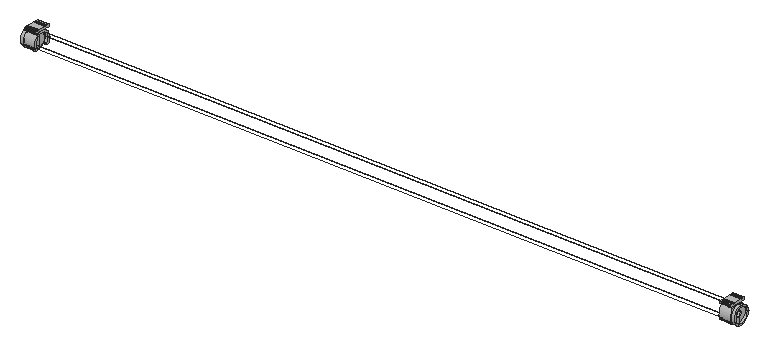
Revit family "FT Excalibur_2021", category Luminarias, Revit 2021
Family settings
  Cota de conector redondo = Diámetro de uso
  Tipo de pieza = Normal
  Número OmniClass = 23.80.70.00
  Título OmniClass = Lighting
  Se basa en plano de trabajo = No
  Siempre vertical = Sí
  Corte con vacíos al cargar = No
  Origen de luz = Sí
  Compartido = No
  Punto de cálculo de habitación = No
Parameters (values of type "ER313")
  Watts = 29 W
  Wattage = 25.0434 W
  built-in parameter 1150110 = 1 (stored number, unit not read)
  Useful life = "L70B50>50000"
  Unify glade rating = "UGR<19"
  URL = "https://www.airfal.com/prod/aplicaciones-iluminacion/zonas-deportivas/luminaria-excalibur/"
  built-in parameter 1114217 = 1 (stored number, unit not read)
  Tilt Angle = 90.00°
  built-in parameter 1150109 = 1 (stored number, unit not read)
  built-in parameter 1150134 = (empty or 0)
  built-in parameter 1150113 = 1 (stored number, unit not read)
  Archivo de red fotométrica = "ER313 EXCALIBUR 1500 29W 3720 Lm 3000 K.IES"
  Photobiological risk group = "RG 0/1"
  Net output = 2262 lm
  MacAdam Ellipse = "3/4"
  Lumens = 3720 lm
  built-in parameter 1150115 = 1 (stored number, unit not read)
  built-in parameter 1150105 = 296.03 (stored number, unit not read)
  built-in parameter 1150137 = (empty or 0)
  built-in parameter 1150139 = (empty or 0)
  Led Module = yes
  built-in parameter 1150112 = 1 (stored number, unit not read)
  built-in parameter 1150114 = 1 (stored number, unit not read)
  L = 1910 mm
  built-in parameter 1150132 = 2
  built-in parameter 1150102 = (empty or 0)
  built-in parameter 1150138 = (empty or 0)
  built-in parameter 1150107 = 3000 (stored number, unit not read)
  built-in parameter 1150106 = 2.9603 (stored number, unit not read)
  IP = "IP67"
  IK = "IK07"
  Glow wire test = "960ºC"
  Longitud de línea de emisión = L  # 1910 mm
  Emergency system = no
  built-in parameter 1150104 = 13.8 (stored number, unit not read)
  EX Area = ""
  Cambio de temperatura de color de luz atenuada = <Ninguno>
  Descripción = "https://www.airfal.com/fichas/new/FT-Excalibur.pdf"
  Elevación por defecto = 0 mm
  Filtro de color = 16777215
  Chromatic Index = "CR>80"
  built-in parameter 1114218 = 1 (stored number, unit not read)
  built-in parameter 1150133 = 10 (stored number, unit not read)
  Armed cablegland EEX [instance] = no
Types (12, lengths in mm): name | Watts | Wattage | built-in parameter 1150134 | Archivo de red fotométrica | Net output | Lumens | built-in parameter 1150105 | L | built-in parameter 1150107 | built-in parameter 1150106 | Longitud de línea de emisión
  ER113 | 32 W | 35.9494 W | 12 | "ER224 EXCALIBUR 1200 32W 5550 lm G5.IES" | 3247 lm | 5340 lm | 424.94 (stored number, unit not read) | 1080 | 4000 (stored number, unit not read) | 4.2494 (stored number, unit not read) | 1080
  ER114 | 13 W | 10.4348 W | 12 | "ER114 EXCALIBUR 600 13W 1550 Lm 4000K.IES" | 942 lm | 1550 lm | 123.35 (stored number, unit not read) | 1080 | 4000 (stored number, unit not read) | 1.2335 (stored number, unit not read) | 1080
  ER123 | 16 W | 17.2342 W | (empty or 0) | "ER123 EXCALIBUR 600 16W 2650 lm G5.IES" | 1556 lm | 2560 lm | 203.72 (stored number, unit not read) | 1080 | 3000 (stored number, unit not read) | 2.0372 (stored number, unit not read) | 1080
  ER124 | 16 W | 17.9747 W | 12 | "ER124 EXCALIBUR 600 16W 2775 lm G5.IES" | 1623 lm | 2670 lm | 212.47 (stored number, unit not read) | 1080 | 4000 (stored number, unit not read) | 2.1247 (stored number, unit not read) | 1080
  ER213 | 24 W | 20.0617 W | (empty or 0) | "ER213 EXCALIBUR 1200 24W 2980 Lm 3000 K.IES" | 1812 lm | 2980 lm | 237.14 (stored number, unit not read) | 1620 | 3000 (stored number, unit not read) | 2.3714 (stored number, unit not read) | 1620
  ER214 | 24 W | 21.5427 W | 12 | "ER214 EXCALIBUR 1200 24W 3200 Lm 4000 K.IES" | 1946 lm | 3200 lm | 254.65 (stored number, unit not read) | 1620 | 4000 (stored number, unit not read) | 2.5465 (stored number, unit not read) | 1620
  ER223 | 32 W | 34.4684 W | (empty or 0) | "ER223 EXCALIBUR 1200 32W 5300 lm G5.IES" | 3113 lm | 5120 lm | 407.44 (stored number, unit not read) | 1620 | 3000 (stored number, unit not read) | 4.0744 (stored number, unit not read) | 1620
  ER224 | 32 W | 35.9494 W | 12 | "ER224 EXCALIBUR 1200 32W 5550 lm G5.IES" | 3247 lm | 5340 lm | 424.94 (stored number, unit not read) | 1620 | 4000 (stored number, unit not read) | 4.2494 (stored number, unit not read) | 1620
  ER313 | 29 W | 25.0434 W | (empty or 0) | "ER313 EXCALIBUR 1500 29W 3720 Lm 3000 K.IES" | 2262 lm | 3720 lm | 296.03 (stored number, unit not read) | 1910 | 3000 (stored number, unit not read) | 2.9603 (stored number, unit not read) | 1910
  ER314 | 29 W | 26.9284 W | 12 | "ER314 EXCALIBUR 1500 29W 4000 Lm 4000 K.IES" | 2432 lm | 4000 lm | 318.31 (stored number, unit not read) | 1910 | 4000 (stored number, unit not read) | 3.1831 (stored number, unit not read) | 1910
  ER323 | 40 W | 42.4796 W | (empty or 0) | "ER323 EXCALIBUR 1500 40W 6631 lm G5.IES" | 3836 lm | 6310 lm | 502.13 (stored number, unit not read) | 1910 | 3000 (stored number, unit not read) | 5.0213 (stored number, unit not read) | 1910
  ER324 | 40 W | 45.1051 W | 12 | "ER324 EXCALIBUR 1500 40W 6940 lm G5.IES" | 4074 lm | 6700 lm | 533.17 (stored number, unit not read) | 1910 | 4000 (stored number, unit not read) | 5.3317 (stored number, unit not read) | 1910
Reference planes
  plane 1 "Light Source Axis (F/B)": y = -218.644
  plane 2: z = 0
  plane 3 "Light Source Axis (L/R)": x = 0
  plane 4 "Light Source Elevation": z = 1371.6
  plane 5: z = 0
  plane 6: x = -955
  plane 7: x = 955
  plane 8: x = -940
  plane 9: x = 940
  plane 10: z = 1422.81
  plane 11: z = 1392.1
  plane 12: x = 958.5
Forms (mm)
  Extrusion 1, solid, material "Polycarbonate"
    sketch origin (0, 0, 0) x (0, 1, 0) y (0, 0, 1)
      loop
        circle (-218.644, 1392.1) r 20.5
    from -955 to 955
Dimensions and locks
  equal spacing: plane 6, plane 3 "Light Source Axis (L/R)", plane 7
  "L": plane 6 to plane 7
  locked: plane 10 to plane 4 "Light Source Elevation" at 51.21
  locked: plane 4 "Light Source Elevation" to plane 11 at 20.5
  locked: nested 3 to plane 11 at 20.5
  locked: nested 4 to plane 11 at 20.5
  locked: plane 7 to plane 12 at 3.5
  plane 8 to plane 6 = 15 mm
  plane 6 to plane 8 = 15 mm
  plane 9 to plane 7 = 15 mm
  diameter of Extrusion 1 = 41 mm
  aligned and locked: plane 4 "Light Source Elevation" to imposter light
  aligned and locked: level to plane 5
  aligned and locked: Extrusion 1 to plane 6
  aligned and locked: Extrusion 1 to plane 7
  aligned and locked: nested 2 to plane 9
  aligned and locked: plane 10 to nested 1
  aligned and locked: plane 10 to nested 2
  aligned and locked: nested 3 to plane 6  (x2)
  aligned and locked: nested 4 to plane 7
  aligned and locked: plane 8 to nested 1
  aligned and locked: plane 1 "Light Source Axis (F/B)" to nested 5  (x2)
  aligned and locked: imposter light to plane 3 "Light Source Axis (L/R)"
  aligned and locked: plane 11 to nested 5
  aligned and locked: nested 5 to plane 12
Automatic sketch dimensions
  Extrusion 1 sketch curve to plane 1 "Light Source Axis (F/B)" = 0 mm
  Extrusion 1 sketch curve to plane 11 = 0 mm
  radius of Extrusion 1 sketch curve = 20.5 mm
Nested families
  nested 1: "TR-4 Excalibur ABS" at (-940, -218.644, 1392.102) x (0, 1, 0) z (0, 0, 1), type "TR-4 Excalibur ABS"
  nested 2: "TR-4 Excalibur ABS" at (940, -218.644, 1392.102) x (0, 1, 0) z (0, 0, 1), type "TR-4 Excalibur ABS"
  nested 3: "R05R0 ABS end caps (no hole)" at (-965.1, -218.644, 1392.1), type "R05R0 ABS end caps (no hole)"
  nested 4: "R04R0 ABS end caps (hole)" at (965.1, -218.644, 1392.1) x (-1, 0, 0) z (0, 0, 1), type "R04R0 ABS end caps (hole)"
  nested 5: "Armed cablegland EEX" at (943.5, -218.644, 1392.1), visible <- "Armed cablegland EEX", type "Armed cablegland EEX"
Definition of nested family "TR-4 Excalibur ABS"
  Parameters
    Default Elevation = 0 mm
  Reference planes
    plane 1 "Center (Front/Back)": y = 0
    plane 2: z = 0
    plane 3 "Center (Left/Right)": x = 0
  Forms (mm)
    Extrusion 1, solid
      sketch origin (0, 15, 0) x (1, 0, 0) y (0, 0, 1)
        loop
          arc (17.214, -11.123) -> (16.663, -11.938) -> (16.469, -12.902) r 2.5
          arc (16.469, -12.902) -> (19.121, -15.399) -> (21.454, -12.601) r 2.502
          arc (21.454, -12.601) -> (21.473, -11.998) -> (21.664, -11.424) r 2
          arc (21.664, -11.424) -> (22.033, 10.713) -> (4.406, 24.108) r 24.499
          arc (4.406, 24.108) -> (-19.756, 14.503) -> (-21.671, -11.427) r 24.499
          arc (-21.671, -11.427) -> (-21.473, -11.998) -> (-21.454, -12.601) r 2
          arc (-21.454, -12.601) -> (-19.121, -15.399) -> (-16.469, -12.902) r 2.502
          arc (-16.469, -12.902) -> (-16.656, -11.954) -> (-17.19, -11.148) r 2.5
          arc (-17.19, -11.148) -> (-0.01, 20.498) -> (17.214, -11.123) r 20.494
        loop
          line (-10.006, 30.708) -> (-10.006, 28.208) -> (-17.506, 28.208) -> (-17.506, 30.708) -> (-22.506, 30.708) -> (-22.506, 27.708)
          arc (-22.506, 27.708) -> (-21.92, 26.294) -> (-20.506, 25.708) r 2
          line (-20.506, 25.708) -> (20.494, 25.708)
          arc (20.494, 25.708) -> (21.908, 26.294) -> (22.494, 27.708) r 2
          line (22.494, 27.708) -> (22.494, 30.708) -> (17.494, 30.708) -> (17.494, 28.208) -> (9.994, 28.208) -> (9.994, 30.708) -> (-10.006, 30.708)
      from 0 to 30
    Extrusion 2, solid
      sketch origin (0, 0, 0) x (1, 0, 0) y (0, 0, 1)
        loop
          arc (-16.159, 25.708) -> (-13.113, 23.488) -> (-14.293, 19.908) r 3.2
          arc (-14.293, 19.908) -> (0, 24.508) -> (14.293, 19.908) r 24.508
          arc (14.293, 19.908) -> (13.113, 23.488) -> (16.159, 25.708) r 3.2
          line (16.159, 25.708) -> (6.228, 25.708) -> (-16.159, 25.708)
      from 12 to -12
  Dimensions and locks
    aligned and locked: plane 2 to level
Definition of nested family "R05R0 ABS end caps (no hole)"
  Parameters (values of type "R05R0 ABS end caps (no hole)")
    Default Elevation = 0 mm
  Reference planes
    plane 1 "Center (Front/Back)": y = 0
    plane 2: z = 0
    plane 3 "Center (Left/Right)": x = 0
  Forms (mm)
    Revolve 1, solid
      sketch origin (0, 0, 0) x (1, 0, 0) y (0, 0, 1)
        loop
          line (0, 20.5) -> (6.6, 20.5) -> (6.6, 0) -> (32.65, 0) -> (32.65, 17.75)
          arc (32.65, 17.75) -> (32.357, 18.457) -> (31.65, 18.75) r 1
          line (31.65, 18.75) -> (25.75, 18.75) -> (25.75, 16.8) -> (14.85, 16.8) -> (14.85, 18.5) -> (10.1, 18.5) -> (10.1, 23.5) -> (0, 23.5) -> (0, 20.5)
        axis (0, 0) -> (32.65, 0)
      angle from 0 to 360
  Dimensions and locks
    aligned and locked: plane 2 to level
Definition of nested family "R04R0 ABS end caps (hole)"
  Parameters (values of type "R04R0 ABS end caps (hole)")
    Default Elevation = 0 mm
  Reference planes
    plane 1 "Center (Front/Back)": y = 0
    plane 2: z = 0
    plane 3 "Center (Left/Right)": x = 0
  Forms (mm)
    Revolve 1, solid
      sketch origin (0, 0, 0) x (1, 0, 0) y (0, 0, 1)
        loop
          line (0, 20.5) -> (6.6, 20.5) -> (6.6, 9.2) -> (9.4, 9.2) -> (9.4, 14.25) -> (32.65, 14.25) -> (32.65, 17.75)
          arc (32.65, 17.75) -> (32.357, 18.457) -> (31.65, 18.75) r 1
          line (31.65, 18.75) -> (25.75, 18.75) -> (25.75, 16.8) -> (14.85, 16.8) -> (14.85, 18.5) -> (10.1, 18.5) -> (10.1, 23.5) -> (0, 23.5) -> (0, 20.5)
        axis (0, 0) -> (32.65, 0)
      angle from 0 to 360
  Dimensions and locks
    aligned and locked: plane 2 to level
Definition of nested family "Armed cablegland EEX"
  Parameters (values of type "Armed cablegland EEX")
    PG = "1621"
    NPT = "3/4\"1\""
    Metrics = "M25x1.5"
    Gas conic = "3/4\"1\""
    Emergency system = "EMERGENCY 1h / 3h"
    EX Area = "II 2 GD EEx db IIC T6"
    Dimmable equipment = "1-10 DALI"
    Default Elevation = 0 mm
    D = 15 mm
    C = 42 mm
    B = 39 mm
    A = 35 mm
  Reference planes
    plane 1 "Center (Front/Back)": y = 0
    plane 2: z = 0
    plane 3 "Center (Left/Right)": x = 0
    plane 4: x = 15
    plane 5: x = 57
    plane 6: z = 17.5
    plane 7: z = -17.5
    plane 8: z = 19.5
    plane 9: z = -19.5
    plane 10: y = -17.5
    plane 11: y = 17.5
  Forms (mm)
    Revolve 1, solid
      sketch origin (0, 0, 0) x (1, 0, 0) y (0, 0, 1)
        loop
          line (0, 11.956) -> (33, 11.956) -> (33, 14.005) -> (15.025, 14.005)
          arc (15.025, 14.005) -> (14.525, 13.505) -> (14.025, 14.005) r 0.5
          arc (14.025, 14.005) -> (13.525, 13.505) -> (13.025, 14.005) r 0.5
          arc (13.025, 14.005) -> (12.525, 13.505) -> (12.025, 14.005) r 0.5
          arc (12.025, 14.005) -> (11.525, 13.505) -> (11.025, 14.005) r 0.5
          arc (11.025, 14.005) -> (10.525, 13.505) -> (10.025, 14.005) r 0.5
          arc (10.025, 14.005) -> (9.525, 13.505) -> (9.025, 14.005) r 0.5
          arc (9.025, 14.005) -> (8.525, 13.505) -> (8.025, 14.005) r 0.5
          arc (8.025, 14.005) -> (7.525, 13.505) -> (7.025, 14.005) r 0.5
          arc (7.025, 14.005) -> (6.525, 13.505) -> (6.025, 14.005) r 0.5
          arc (6.025, 14.005) -> (5.525, 13.505) -> (5.025, 14.005) r 0.5
          arc (5.025, 14.005) -> (4.525, 13.505) -> (4.025, 14.005) r 0.5
          arc (4.025, 14.005) -> (3.525, 13.505) -> (3.025, 14.005) r 0.5
          arc (3.025, 14.005) -> (2.525, 13.505) -> (2.025, 14.005) r 0.5
          arc (2.025, 14.005) -> (1.525, 13.505) -> (1.025, 14.005) r 0.5
          line (1.025, 14.005) -> (0, 12.98) -> (0, 11.956)
        axis (0, 0) -> (33, 0)
      angle from 0 to 360
    Extrusion 2, solid
      sketch origin (15, -4572, 334.988) x (0, 0, 1) y (0, -1, 0)
        loop
          line (-316.08, -4569.75) -> (-323.586, -4556.75)
          arc (-323.586, -4556.75) -> (-325.233, -4555.103) -> (-327.483, -4554.5) r 4.5
          line (-327.483, -4554.5) -> (-342.494, -4554.5)
          arc (-342.494, -4554.5) -> (-344.744, -4555.103) -> (-346.391, -4556.75) r 4.5
          line (-346.391, -4556.75) -> (-353.896, -4569.75)
          arc (-353.896, -4569.75) -> (-354.499, -4572) -> (-353.896, -4574.25) r 4.5
          line (-353.896, -4574.25) -> (-346.391, -4587.25)
          arc (-346.391, -4587.25) -> (-344.744, -4588.897) -> (-342.494, -4589.5) r 4.5
          line (-342.494, -4589.5) -> (-327.483, -4589.5)
          arc (-327.483, -4589.5) -> (-325.233, -4588.897) -> (-323.586, -4587.25) r 4.5
          line (-323.586, -4587.25) -> (-316.08, -4574.25)
          arc (-316.08, -4574.25) -> (-315.477, -4572) -> (-316.08, -4569.75) r 4.5
        loop
          circle (-334.988, -4572) r 12
      from 0 to 18
    Extrusion 3, solid
      sketch origin (36.589, -4572, 334.988) x (0, 0, 1) y (0, -1, 0)
        loop
          line (-316.08, -4569.75) -> (-323.586, -4556.75)
          arc (-323.586, -4556.75) -> (-325.233, -4555.103) -> (-327.483, -4554.5) r 4.5
          line (-327.483, -4554.5) -> (-342.494, -4554.5)
          arc (-342.494, -4554.5) -> (-344.744, -4555.103) -> (-346.391, -4556.75) r 4.5
          line (-346.391, -4556.75) -> (-353.896, -4569.75)
          arc (-353.896, -4569.75) -> (-354.499, -4572) -> (-353.896, -4574.25) r 4.5
          line (-353.896, -4574.25) -> (-346.391, -4587.25)
          arc (-346.391, -4587.25) -> (-344.744, -4588.897) -> (-342.494, -4589.5) r 4.5
          line (-342.494, -4589.5) -> (-327.483, -4589.5)
          arc (-327.483, -4589.5) -> (-325.233, -4588.897) -> (-323.586, -4587.25) r 4.5
          line (-323.586, -4587.25) -> (-316.08, -4574.25)
          arc (-316.08, -4574.25) -> (-315.477, -4572) -> (-316.08, -4569.75) r 4.5
        loop
          circle (-334.988, -4572) r 12
      from 0 to 12
    Revolve 4, solid
      sketch origin (0, 0, 0) x (1, 0, 0) y (0, 0, 1)
        loop
          line (33, 12) -> (57, 12) -> (57, 15.488) -> (54.988, 17.5) -> (33, 17.5) -> (33, 12)
        axis (33, 0) -> (57, 0)
      angle from 0 to 360
  Cuts and joins
    joined: Extrusion 2, Extrusion 3, Revolve 4
  Lines and regions (mm)
    model lines
      curve 1: line (33, -17.5, 0) -> (15, -17.5, 0)
  Dimensions and locks
    "D": plane 4 to plane 3 "Center (Left/Right)"
    "C": plane 5 to plane 4
    equal spacing: plane 6, level, plane 7
    "B": plane 9 to plane 8
    equal spacing: plane 9, level, plane 8
    equal spacing: plane 11, plane 1 "Center (Front/Back)", plane 10
    "A": plane 11 to plane 10
    aligned and locked: plane 2 to level
  Automatic sketch dimensions
    Extrusion 2 sketch curve to plane 1 "Center (Front/Back)" = 0 mm  (x3)
    Extrusion 2 sketch curve to plane 11 = 0 mm
    Extrusion 2 sketch curve to plane 10 = 0 mm
    Extrusion 2 sketch curve to level = 0 mm
    Extrusion 2 sketch curve to level = 7.506 mm  (x2)
    Extrusion 2 sketch curve to plane 11 = 2.25 mm  (x2)
    Extrusion 2 sketch curve to Extrusion 2 sketch curve = 3.897 mm  (x4)
    Extrusion 2 sketch curve to plane 10 = 2.25 mm  (x2)
    plane 7 to Extrusion 2 sketch curve = 2.489 mm
    Extrusion 2 sketch curve to plane 9 = 0.592 mm  (x2)
    level to Extrusion 2 sketch curve = 7.506 mm  (x2)
    Extrusion 2 sketch curve to plane 6 = 2.489 mm
    Extrusion 2 sketch curve to plane 8 = 0.592 mm  (x2)
    Extrusion 2 sketch curve to plane 1 "Center (Front/Back)" = 2.25 mm  (x2)
    Extrusion 3 sketch curve to plane 1 "Center (Front/Back)" = 0 mm  (x3)
    Extrusion 3 sketch curve to plane 11 = 0 mm
    Extrusion 3 sketch curve to plane 10 = 0 mm
    Extrusion 3 sketch curve to level = 0 mm
    Extrusion 3 sketch curve to level = 7.506 mm  (x2)
    Extrusion 3 sketch curve to plane 11 = 2.25 mm  (x2)
    Extrusion 3 sketch curve to Extrusion 3 sketch curve = 3.897 mm  (x4)
    Extrusion 3 sketch curve to plane 10 = 2.25 mm  (x2)
    plane 7 to Extrusion 3 sketch curve = 2.489 mm
    Extrusion 3 sketch curve to plane 9 = 0.592 mm  (x2)
    level to Extrusion 3 sketch curve = 7.506 mm  (x2)
    Extrusion 3 sketch curve to plane 6 = 2.489 mm
    Extrusion 3 sketch curve to plane 8 = 0.592 mm  (x2)
    Extrusion 3 sketch curve to plane 1 "Center (Front/Back)" = 2.25 mm  (x2)
    Revolve 4 sketch curve to level = 0 mm
    Revolve 4 sketch curve to plane 6 = 0 mm
    plane 5 to Revolve 4 sketch curve = 0 mm
    plane 5 to Revolve 4 sketch curve = 2.012 mm
    Revolve 4 sketch curve to plane 6 = 5.5 mm
    plane 4 to Revolve 4 sketch curve = 18 mm
    Revolve 4 sketch curve to plane 6 = 2.012 mm
    Revolve 4 sketch curve to plane 3 "Center (Left/Right)" = 6.257 mm
    Revolve 4 sketch curve to plane 5 = 9.07 mm
    Revolve 1 sketch curve to plane 3 "Center (Left/Right)" = 0 mm  (x2)
    Revolve 1 sketch curve to level = 0 mm
    plane 5 to Revolve 1 sketch curve = 0 mm
    plane 3 "Center (Left/Right)" to Revolve 1 sketch curve = 1.025 mm
    Revolve 1 sketch curve to Revolve 1 sketch curve = 0.5 mm  (x2)
    Revolve 1 sketch curve to Revolve 1 sketch curve = 1 mm  (x11)
    Revolve 1 sketch curve to plane 4 = 0.475 mm
    plane 4 to Revolve 1 sketch curve = 0.025 mm
    Revolve 1 sketch curve to plane 6 = 5.544 mm
    plane 4 to Revolve 1 sketch curve = 18 mm
    Revolve 1 sketch curve to Revolve 1 sketch curve = 1.025 mm  (x2)
    Revolve 1 sketch curve to Revolve 1 sketch curve = 2.049 mm
    Revolve 1 sketch curve to Revolve 1 sketch curve = 0 mm  (x22)
    curve 1 to plane 4 = 0 mm
    plane 10 to curve 1 = 0 mm
    plane 4 to curve 1 = 18 mm
    radius of Extrusion 2 sketch curve = 12 mm
    radius of Extrusion 3 sketch curve = 12 mm
